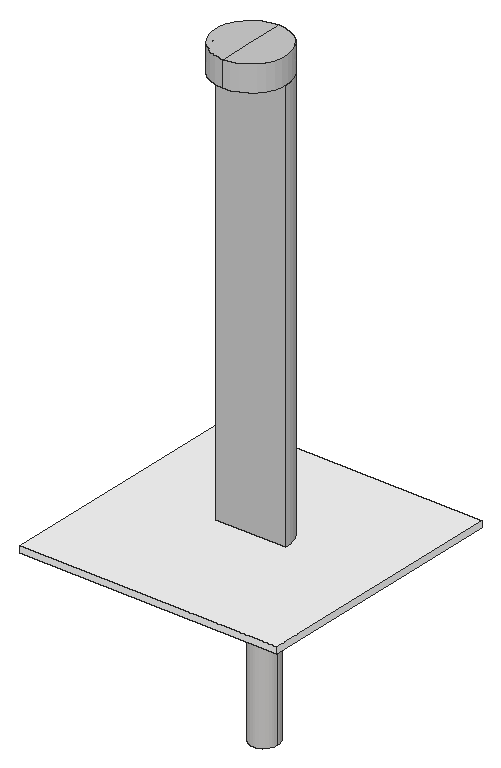
Revit family "BE_77264_de_DE", category Lighting Fixtures, host Face, Revit 2015
Parameters (values of type "BEGA_77264_Silber_K3")
  Material_10 = BEGA_Glas_opal
  built-in parameter 1150104 = 12.387 (stored number, unit not read)
  Wattage = 2.1 W
  Default Elevation = 0 mm
  built-in parameter 1150113 = 1 (stored number, unit not read)
  built-in parameter 1114218 = 1 (stored number, unit not read)
  Umgebungstemperatur = "25 °C"
  URL = "http://www.bega.de/produkt/77264"
  Type Comments = "© 2017 BEGA. Wir behalten uns das Recht vor, technische Änderungen ohne vorherige Ankündigung vorzunehmen."  # constant formula
  Type Image = 77264.png
  built-in parameter 1150134 = (empty or 0)
  built-in parameter 1150109 = 1 (stored number, unit not read)
  Strom = ""
  built-in parameter 1150110 = 1 (stored number, unit not read)
  Spannung = 239.996 V
  Sonderanfertigung = no
  Seriennummer [instance] = "Hier können Sie die eindeutige Seriennummer für das Facility Management eintragen."
  Schutzklasse = "I"
  Schutzart = "IP 65"
  Apparent Load = 0 VA
  Produktdatenblatt = "http://www.bega.de/download/Xrfa/db/77264.db.de.pdf"
  Oberflächentemperatur = ""
  Tilt Angle = 0.00°
  Model = "77264A"
  Material_17 = BEGA_Reflektor
  Material_15 = BEGA_Leuchtmedium_matt
  Material_11 = BEGA_Glas_opal
  Material_09 = BEGA_Glas_klar
  Material_06 = BEGA_Oberfläche_Edelstahl_gebürstet
  Material_03 = BEGA_Oberfläche_Weiss_matt
  Material_02 = BEGA_Oberfläche_Silber_matt
  Material_01 [instance] = BEGA_Oberfläche_Grafit_matt
  M_G = no
  M_A = yes
  Logo = 0
  built-in parameter 1114217 = 1 (stored number, unit not read)
  built-in parameter 1150139 = (empty or 0)
  built-in parameter 1150105 = 22.281 (stored number, unit not read)
  built-in parameter 1150114 = 1 (stored number, unit not read)
  Lumens = 279.993 lm
  built-in parameter 1150115 = 1 (stored number, unit not read)
  Leuchtenlichtstrom = "143 lm"
  Leuchtenanzahl = ""
  Lebensdauerkriterien = "L70 = 50.000 h"
  Lastklassifizierung = Beleuchtung
  built-in parameter 1150112 = 1 (stored number, unit not read)
  Lampenlichtstrom = "280 lm"
  Lamp = "LED 2.1 W"
  LED_Modulbezeichnung = "LED-0234/80"
  built-in parameter 1150142 = (empty or 0)
  Manufacturer = "BEGA"  # constant formula
  Halbstreuwinkel = ""
  Gewicht = "2.4 kg"
  Gebrauchslageneinschränkung [instance] = ""
  Frequenz = "0/50-60 Hz"
  Farbwiedergabeindex = "Ra > 80"
  Dimming Lamp Color Temperature Shift = <None>
  Farbtemperatur = "3000 K"
  Color Filter = 16777215
  built-in parameter 1150133 = 10 (stored number, unit not read)
  Energieeffizienzklasse = "LED A++ - A"
  Einstecktiefe = ""
  built-in parameter 1150137 = (empty or 0)
  built-in parameter 1150132 = (empty or 0)
  Einbauöffnung = ""
  Einbautiefe = ""
  Einbau_in_Wärmedämmung = ""
  ENEC = "ja"
  Dimmbar [instance] = ""
  Photometric Web File = "BE_77264.IES"
  CE_Konformität = "ja"
  Bestellnummer = "77264A"
  Beschreibung_Sonderanfertigung = "Hier können Sie Informationen zur Sonderanfertigung eintragen."
  Description = "Garten- und Wegeleuchte"
  built-in parameter 1150106 = 0.22281 (stored number, unit not read)
  Befestigungsbohrung = ""
  BEGA_Intern_aus = yes
  BEGA_Intern_an = yes
  BEGA_Intern_Konstruktion = yes
  BEGA_Intern = yes
  BEGA_IES = yes
  BEGA_Dummy = no
  Anschlussleistung [instance] = "3.4 W"
  Anschlusskasten = ""
  built-in parameter 1150107 = 3000 (stored number, unit not read)
  built-in parameter 1150102 = (empty or 0)
  built-in parameter 1150138 = (empty or 0)
  Aktualisierung = "2017-04-12T04:17:31"
  AC/DC = "AC/DC"
Types (2, lengths in mm): name | Model | M_G | M_A | Bestellnummer
  BEGA_77264_Silber_K3 | "77264A" | no | yes | "77264A"
  BEGA_77264_Grafit_K3 | "77264" | yes | no | "77264"
Reference planes
  plane 1 "Mitte (Vorne/Hinten)": y = 0
  plane 2: z = 0
  plane 3 "Mitte (Links/Rechts)": x = 0
  plane 4 "Links": x = -55
  plane 5 "Rechts": x = 55
  plane 6 "Unten": y = -55
  plane 7 "Oben": y = 55
  plane 8 "Vorne": z = 686.4
  plane 9 "Hinten": z = -300
Forms (mm)
  Extrusion 1, solid, material "BEGA_Platte_Weiss"
    sketch origin (0, -1119.2, 0) x (1, 0, 0) y (0, 1, 0)
      loop
        line (-200, 1319.2) -> (-200, 919.2) -> (200, 919.2) -> (200, 1319.2) -> (-200, 1319.2)
    from 0 to -10
  Extrusion 2, solid, material "BEGA_Dummy_matt", visible <- "BEGA_Dummy"
    sketch origin (77.149, -76.023, 0) x (1, 0, 0) y (0, 1, 0)
      loop
        circle (-77.149, 76.023) r 55
    from 0 to 686.4
Dimensions and locks
  plane 1 "Mitte (Vorne/Hinten)" to Extrusion 1 = 200 mm
  aligned and locked: plane 2 to Extrusion 1
  aligned and locked: level to Extrusion 1
Nested families
  nested 1: "BE_77264" at (0, 0, 0), type "BE_77264"
Connectors
  electrical at (0, 0, 0), driven by "Lastklassifizierung", driven by "Spannung", driven by "Apparent Load"
    settings: index 1, voltage 239.996 V, apparent load 0 VA, apparent load phase1 0 VA, apparent load phase2 0 VA, apparent load phase3 0 VA, power factor 1, load classification "Beleuchtung", number of poles 1, system type 31, power factor state 1, is connector primary yes, connector utility no, sub classification motor no, connector description ""
Definition of nested family "BE_77264"
  Parameters (values of type "BE_77264")
    Default Elevation = 1 mm
    URL = "http://www.bega.de/de/produkt"
    Type Comments = "© 2015 BEGA. Wir behalten uns das Recht vor, technische Änderungen ohne vorherige Ankündigung vorzunehmen. "  # constant formula
    Type Image = (empty or 0)
    Neigungswinkel_um_Z2 = 0.00°
    Neigungswinkel_um_Z1 = 0.00°
    Neigungswinkel_um_Y2 = 0.00°
    Neigungswinkel_um_Y1 = 0.00°
    Neigungswinkel_um_X2 = 0.00°
    Neigungswinkel_um_X1 = 0.00°
    Material_17 = none
    Material_15 = none
    Material_11 = none
    Material_10 = none
    Material_09 = none
    Material_06 = none
    Material_03 = none
    Material_02 = none
    Material_01 = none
    M_W = no
    M_G = yes
    M_A = no
    Länge_Platte = 200 mm  # constant formula
    Höhe_Platte = -350 mm  # constant formula
    Manufacturer = "BEGA"  # constant formula
    Drehwinkel_um_Z2 = 0.00°
    Drehwinkel_um_Z1 = 0.00°
    Breite_Platte = 200 mm  # constant formula
  Reference planes
    plane 1 "Mitte (Oben/Unten)": y = 0
    plane 2: z = 0
    plane 3 "Mitte (Links/Rechts)": x = 0
    plane 4 "Hinten": z = -300
    plane 5 "Links": x = -55
    plane 6 "Rechts": x = 55
    plane 7 "Oben": y = 55
    plane 8 "Unten": y = -55
    plane 9: z = 686.4
  Forms (mm)
    Extrusion 1, solid, detail levels medium
      sketch origin (0, 0, 0) x (1, 0, 0) y (0, 1, 0)
        loop
          line (-100, 100) -> (-100, -100) -> (100, -100) -> (100, 100) -> (-100, 100)
      from 0 to -350 <- "Höhe_Platte"
    Extrusion 2, solid, material <- "Material_06", detail levels medium+fine
      sketch origin (0, 0, 0) x (1, 0, 0) y (0, 1, 0)
        loop
          circle (0, 26) r 21.1
        loop
          circle (0, 26) r 19.1
      from -300 to 120
    Extrusion 3, solid, material <- "Material_01", visible <- "M_G", detail levels medium+fine
      sketch origin (0, 0, 0) x (1, 0, 0) y (0, 1, 0)
        loop
          arc (55, 0) -> (0, 55) -> (-55, 0) r 55
          line (-55, 0) -> (55, 0)
        loop
          line (-51.913, 3) -> (51.913, 3)
          arc (51.913, 3) -> (38.229, 35.25) -> (7.194, 51.5) r 52
          line (7.194, 51.5) -> (-7.194, 51.5)
          arc (-7.194, 51.5) -> (-38.229, 35.25) -> (-51.913, 3) r 52
      from 0 to 644.4
    Revolve 4, void
      sketch origin (0, 0, 0) x (0, 1, 0) y (0, 0, 1)
        loop
          line (55.963, 89) -> (50.435, 89) -> (50.435, 85) -> (55.963, 85) -> (55.963, 89)
        axis (55.963, 85) -> (50.435, 85)
      angle from 0 to 360
    Revolve 5, void
      sketch origin (0, 0, -50) x (0, 1, 0) y (0, 0, 1)
        loop
          line (55.963, 89) -> (50.435, 89) -> (50.435, 85) -> (55.963, 85) -> (55.963, 89)
        axis (55.963, 85) -> (50.435, 85)
      angle from 0 to 360
    Revolve 6, solid, material <- "Material_06", detail levels fine
      sketch origin (0, 0, 0) x (0, 1, 0) y (0, 0, 1)
        loop
          line (56.3, 87.385) -> (55.685, 88) -> (47.773, 88) -> (46.29, 86.517) -> (47.166, 85) -> (56.3, 85) -> (56.3, 87.385)
        axis (56.3, 85) -> (46.29, 85)
      angle from 0 to 360
    Revolve 7, solid, material <- "Material_06", detail levels fine
      sketch origin (0, 0, -50) x (0, 1, 0) y (0, 0, 1)
        loop
          line (56.3, 87.385) -> (55.685, 88) -> (47.773, 88) -> (46.29, 86.517) -> (47.166, 85) -> (56.3, 85) -> (56.3, 87.385)
        axis (56.3, 85) -> (46.29, 85)
      angle from 0 to 360
    Revolve 8, solid, material <- "Material_01", visible <- "M_G", detail levels medium+fine
      sketch origin (0, 0, 0) x (0, 1, 0) y (0, 0, 1)
        loop
          line (0, 686.4) -> (-54.651, 686.4) -> (-55, 646.4) -> (-46.57, 646.4) -> (-46.483, 648.9) -> (-49.532, 648.9) -> (-49.797, 664.1) -> (-48.082, 664.1) -> (-47.39, 683.9) -> (0, 683.9) -> (0, 686.4)
        axis (0, 686.4) -> (0, 646.4)
      angle from 0 to 360
    Extrusion 9, solid, material <- "Material_01", visible <- "M_G", detail levels medium+fine
      sketch origin (0, 0, 0) x (1, 0, 0) y (0, 1, 0)
        loop
          line (-54.022, 1.153) -> (54.022, 1.153)
          arc (54.022, 1.153) -> (0, 54.035) -> (-54.022, 1.153) r 54.035
      from 644.4 to 648.9
    Extrusion 10, solid, material <- "Material_10", detail levels medium+fine
      sketch origin (0, 0, 0) x (1, 0, 0) y (0, 1, 0)
        loop
          line (-48.538, 2.5) -> (-48.538, -3.806)
          arc (-48.538, -3.806) -> (0.583, -48.93) -> (48.538, -2.569) r 48.627
          line (48.538, -2.569) -> (48.538, 2.5) -> (-48.538, 2.5)
      from 648.9 to 652.9
    Extrusion 11, solid, material <- "Material_02", visible <- "M_A", detail levels medium+fine
      sketch origin (0, 0, 0) x (1, 0, 0) y (0, 1, 0)
        loop
          arc (55, 0) -> (0, 55) -> (-55, 0) r 55
          line (-55, 0) -> (55, 0)
        loop
          line (-51.913, 3) -> (51.913, 3)
          arc (51.913, 3) -> (38.229, 35.25) -> (7.194, 51.5) r 52
          line (7.194, 51.5) -> (-7.194, 51.5)
          arc (-7.194, 51.5) -> (-38.229, 35.25) -> (-51.913, 3) r 52
      from 0 to 644.4
    Revolve 12, solid, material <- "Material_02", visible <- "M_A", detail levels medium+fine
      sketch origin (0, 0, 0) x (0, 1, 0) y (0, 0, 1)
        loop
          line (0, 686.4) -> (-54.651, 686.4) -> (-55, 646.4) -> (-46.57, 646.4) -> (-46.483, 648.9) -> (-49.532, 648.9) -> (-49.797, 664.1) -> (-48.082, 664.1) -> (-47.39, 683.9) -> (0, 683.9) -> (0, 686.4)
        axis (0, 686.4) -> (0, 646.4)
      angle from 0 to 360
    Extrusion 13, solid, material <- "Material_02", visible <- "M_A", detail levels medium+fine
      sketch origin (0, 0, 0) x (1, 0, 0) y (0, 1, 0)
        loop
          line (-54.022, 1.153) -> (54.022, 1.153)
          arc (54.022, 1.153) -> (0, 54.035) -> (-54.022, 1.153) r 54.035
      from 644.4 to 648.9
  Cuts and joins
    Revolve 4, Revolve 5 cuts Extrusion 3
    Revolve 4, Revolve 5 cuts Extrusion 11
  Dimensions and locks
    equal spacing: Extrusion 1 sketch curve, plane 3 "Mitte (Links/Rechts)", Extrusion 1 sketch curve
    equal spacing: Extrusion 1 sketch curve, plane 1 "Mitte (Oben/Unten)", Extrusion 1 sketch curve
    "Länge_Platte": Extrusion 1 sketch curve to Extrusion 1 sketch curve
    "Breite_Platte": Extrusion 1 sketch curve to Extrusion 1 sketch curve
    aligned and locked: plane 2 to Extrusion 1
    aligned and locked: level to Extrusion 1
  Automatic sketch dimensions
    Extrusion 2 sketch curve to Extrusion 2 sketch curve = 0 mm  (x2)
    Extrusion 2 sketch curve to plane 3 "Mitte (Links/Rechts)" = 0 mm
    Extrusion 2 sketch curve to plane 1 "Mitte (Oben/Unten)" = 26 mm
    Extrusion 3 sketch curve to Extrusion 3 sketch curve = 0 mm  (x6)
    plane 1 "Mitte (Oben/Unten)" to Extrusion 3 sketch curve = 0 mm
    Extrusion 3 sketch curve to plane 3 "Mitte (Links/Rechts)" = 0 mm
    Extrusion 3 sketch curve to plane 3 "Mitte (Links/Rechts)" = 7.194 mm
    Extrusion 3 sketch curve to plane 1 "Mitte (Oben/Unten)" = 3 mm
    Extrusion 3 sketch curve to plane 3 "Mitte (Links/Rechts)" = 51.913 mm
    Extrusion 3 sketch curve to Extrusion 3 sketch curve = 3.087 mm
    plane 3 "Mitte (Links/Rechts)" to Extrusion 3 sketch curve = 7.194 mm
    Revolve 4 sketch curve to plane 1 "Mitte (Oben/Unten)" = 50.435 mm
    Revolve 4 sketch curve to Revolve 4 sketch curve = 5.528 mm
    level to Revolve 4 sketch curve = 85 mm
    Revolve 4 sketch curve to Revolve 4 sketch curve = 4 mm
    Revolve 4 sketch curve to Revolve 4 sketch curve = 6.135 mm
    Revolve 4 sketch curve to Revolve 4 sketch curve = 2.337 mm
    Revolve 4 sketch curve to Revolve 4 sketch curve = 0 mm
    Revolve 5 sketch curve to plane 1 "Mitte (Oben/Unten)" = 50.435 mm
    Revolve 5 sketch curve to Revolve 5 sketch curve = 5.528 mm
    level to Revolve 5 sketch curve = 35 mm
    Revolve 5 sketch curve to Revolve 5 sketch curve = 4 mm
    Revolve 5 sketch curve to Revolve 5 sketch curve = 6.135 mm
    Revolve 5 sketch curve to Revolve 5 sketch curve = 2.337 mm
    Revolve 5 sketch curve to Revolve 5 sketch curve = 0 mm
    Revolve 6 sketch curve to plane 1 "Mitte (Oben/Unten)" = 46.29 mm
    Revolve 6 sketch curve to Revolve 6 sketch curve = 0.876 mm
    Revolve 6 sketch curve to Revolve 6 sketch curve = 1.483 mm
    Revolve 6 sketch curve to Revolve 6 sketch curve = 7.912 mm
    Revolve 6 sketch curve to Revolve 6 sketch curve = 0.615 mm  (x2)
    level to Revolve 6 sketch curve = 85 mm
    Revolve 6 sketch curve to Revolve 6 sketch curve = 1.517 mm
    Revolve 6 sketch curve to Revolve 6 sketch curve = 2.385 mm
    Revolve 6 sketch curve to Revolve 6 sketch curve = 1.99 mm
    Revolve 6 sketch curve to Revolve 6 sketch curve = 2 mm
    Revolve 6 sketch curve to Revolve 6 sketch curve = 0 mm
    Revolve 7 sketch curve to plane 1 "Mitte (Oben/Unten)" = 46.29 mm
    Revolve 7 sketch curve to Revolve 7 sketch curve = 0.876 mm
    Revolve 7 sketch curve to Revolve 7 sketch curve = 1.483 mm
    Revolve 7 sketch curve to Revolve 7 sketch curve = 7.912 mm
    Revolve 7 sketch curve to Revolve 7 sketch curve = 0.615 mm  (x2)
    level to Revolve 7 sketch curve = 35 mm
    Revolve 7 sketch curve to Revolve 7 sketch curve = 1.517 mm
    Revolve 7 sketch curve to Revolve 7 sketch curve = 2.385 mm
    Revolve 7 sketch curve to Revolve 7 sketch curve = 1.99 mm
    Revolve 7 sketch curve to Revolve 7 sketch curve = 2 mm
    Revolve 7 sketch curve to Revolve 7 sketch curve = 0 mm
    Revolve 8 sketch curve to plane 1 "Mitte (Oben/Unten)" = 0 mm  (x2)
    plane 1 "Mitte (Oben/Unten)" to Revolve 8 sketch curve = 46.483 mm
    Revolve 8 sketch curve to Revolve 8 sketch curve = 0.087 mm
    Revolve 8 sketch curve to Revolve 8 sketch curve = 0.908 mm
    Revolve 8 sketch curve to Revolve 8 sketch curve = 1.599 mm
    Revolve 8 sketch curve to Revolve 8 sketch curve = 3.049 mm
    Revolve 8 sketch curve to Revolve 8 sketch curve = 1.715 mm
    Revolve 8 sketch curve to Revolve 8 sketch curve = 7.26 mm
    Revolve 8 sketch curve to Revolve 8 sketch curve = 5.468 mm
    Revolve 8 sketch curve to Revolve 8 sketch curve = 2.5 mm  (x2)
    Revolve 8 sketch curve to Revolve 8 sketch curve = 15.2 mm
    Revolve 8 sketch curve to Revolve 8 sketch curve = 19.8 mm
    Revolve 8 sketch curve to plane 4 "Hinten" = 509.6 mm
    Revolve 8 sketch curve to Revolve 8 sketch curve = 1657.407 mm
    plane 1 "Mitte (Oben/Unten)" to Extrusion 9 sketch curve = 0 mm
    Extrusion 9 sketch curve to plane 3 "Mitte (Links/Rechts)" = 0 mm
    Extrusion 9 sketch curve to plane 1 "Mitte (Oben/Unten)" = 1.153 mm
    Extrusion 9 sketch curve to plane 3 "Mitte (Links/Rechts)" = 54.022 mm
    Extrusion 10 sketch curve to plane 1 "Mitte (Oben/Unten)" = 2.5 mm
    Extrusion 10 sketch curve to plane 3 "Mitte (Links/Rechts)" = 48.538 mm
    Extrusion 10 sketch curve to plane 3 "Mitte (Links/Rechts)" = 0.037 mm
    plane 3 "Mitte (Links/Rechts)" to Extrusion 10 sketch curve = 48.538 mm
    plane 1 "Mitte (Oben/Unten)" to Extrusion 10 sketch curve = 0.306 mm
    plane 1 "Mitte (Oben/Unten)" to Extrusion 10 sketch curve = 3.806 mm
    Extrusion 11 sketch curve to Extrusion 11 sketch curve = 0 mm  (x6)
    plane 1 "Mitte (Oben/Unten)" to Extrusion 11 sketch curve = 0 mm
    Extrusion 11 sketch curve to plane 3 "Mitte (Links/Rechts)" = 0 mm
    Extrusion 11 sketch curve to plane 3 "Mitte (Links/Rechts)" = 7.194 mm
    Extrusion 11 sketch curve to plane 1 "Mitte (Oben/Unten)" = 3 mm
    Extrusion 11 sketch curve to plane 3 "Mitte (Links/Rechts)" = 51.913 mm
    Extrusion 11 sketch curve to Extrusion 11 sketch curve = 3.087 mm
    plane 3 "Mitte (Links/Rechts)" to Extrusion 11 sketch curve = 7.194 mm
    Revolve 12 sketch curve to plane 1 "Mitte (Oben/Unten)" = 0 mm  (x2)
    plane 1 "Mitte (Oben/Unten)" to Revolve 12 sketch curve = 46.483 mm
    Revolve 12 sketch curve to Revolve 12 sketch curve = 0.087 mm
    Revolve 12 sketch curve to Revolve 12 sketch curve = 0.908 mm
    Revolve 12 sketch curve to Revolve 12 sketch curve = 1.599 mm
    Revolve 12 sketch curve to Revolve 12 sketch curve = 3.049 mm
    Revolve 12 sketch curve to Revolve 12 sketch curve = 1.715 mm
    Revolve 12 sketch curve to Revolve 12 sketch curve = 7.26 mm
    Revolve 12 sketch curve to Revolve 12 sketch curve = 5.468 mm
    Revolve 12 sketch curve to Revolve 12 sketch curve = 2.5 mm  (x2)
    Revolve 12 sketch curve to Revolve 12 sketch curve = 15.2 mm
    Revolve 12 sketch curve to Revolve 12 sketch curve = 19.8 mm
    Revolve 12 sketch curve to plane 4 "Hinten" = 509.6 mm
    Revolve 12 sketch curve to Revolve 12 sketch curve = 1657.407 mm
    plane 1 "Mitte (Oben/Unten)" to Extrusion 13 sketch curve = 0 mm
    Extrusion 13 sketch curve to plane 3 "Mitte (Links/Rechts)" = 0 mm
    Extrusion 13 sketch curve to plane 1 "Mitte (Oben/Unten)" = 1.153 mm
    Extrusion 13 sketch curve to plane 3 "Mitte (Links/Rechts)" = 54.022 mm
    level to Revolve 8 sketch curve = 646.4 mm
    level to Revolve 12 sketch curve = 646.4 mm
    radius of Extrusion 2 sketch curve = 21.1 mm
    radius of Extrusion 2 sketch curve = 19.1 mm
